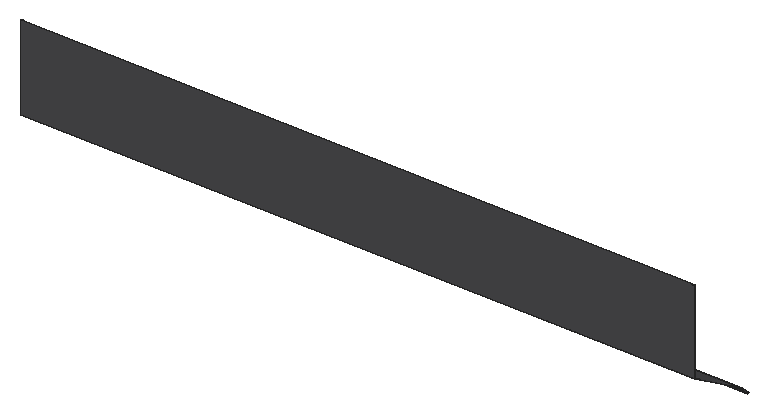
Revit family "BIMLIB_ПланкаПримыканиеВерхнееКСтенеФальц_GRANDLINE", category Обобщенные модели, Revit 2017
Family settings
  Может служить основой для арматурных стержней = Нет
  Размер круглого соединителя = Использовать диаметр
  Тип детали = Нормальный
  При загрузке вырезать с полостями = Нет
  Общий = Нет
  Точка расчета площади = Нет
Parameters (values of type "Планка примыкание верхнее к стене фальц")
  Смещение = 0 mm
  Кровля_Угол [instance] = 30.00°
  Описание = ADSK_Наименование  # "Планка примыкание верхнее к стене фальц GL150х130х20"
  Изготовитель = [ADSK_Завод-изготовитель]  # "Grand Line"
  built-in parameter 1001306 [instance] = 1200 mm
  Watermark [instance] = "Модели защищены уникальным кодом"
  URL = "https://www.grandline.ru"
  BL_Разработано = "support@bimlib.pro"
  BL_Email = "info@grandline.ru"
  BL_BIM library = "https://bimlib.pro/manufacturer/company/22430"
  ADSK_Размер_Длина [instance] = [built-in parameter 1001306]  # 1200 mm
  ADSK_Обозначение = "ГОСТ 19904-90, ГОСТ 14918-80"
  ADSK_Наименование = "Планка примыкание верхнее к стене фальц GL150х130х20"
  ADSK_Материал тип подсчета = 1  # constant formula
  ADSK_Материал = GL_Сталь_RAL9005
  ADSK_Масса_Текст [instance] = ""
  ADSK_Масса [instance] = 0
  ADSK_Марка = ""
  ADSK_Количество [instance] = if(ADSK_Материал тип подсчета = 0, 1, if(ADSK_Материал тип подсчета = 1, ADSK_Размер_Длина / 1000 mm, 0))  # 1.2
  ADSK_Код изделия = "М.12.048.02"  # constant formula
  ADSK_Завод-изготовитель = "Grand Line"  # constant formula
  ADSK_Единица измерения = "м"  # constant formula
  ADSK_Группирование = "Доборные элементы"  # constant formula
  ADSK_Версия Revit = "2017"  # constant formula
  ADSK_URL страницы изделия = ""
  ADSK_URL документации изделия = ""
Reference planes
  plane 1 "По центру (Вперед/Назад)": y = 0
  plane 2: z = 0
  plane 3 "Слева": x = 0
  plane 4 "Справа": x = 1200
Forms (mm)
  Sweep 1, solid, material "GL_Сталь_RAL9005" <- "ADSK_Материал"
    path in 3D
      loop
        line (0, 0, 0) -> (1200, 0, 0)
    profile "Профиль_ПланкаПримыканиеКСтене : Профиль_ПланкаПримыканиеКСтене" origin (600, 0, 0) x (0, 1, 0) y (0, 0, 1)
      loop
        line (0.8, 150) -> (0, 150) -> (0, -0.462) -> (104.232, -60.64) -> (109.814, -66.223) -> (109.249, -66.788) -> (117.734, -75.274) -> (118.865, -74.142) -> (104.723, -60) -> (0.8, 0) -> (0.8, 150)
Lines and regions (mm)
  reference lines
    curve 1: line (0, 0, 0) -> (1200, 0, 0)
  sketch lines
    curve 2: line (0, 0, 0) -> (1200, 0, 0)
Dimensions and locks
  "built-in parameter 1001306": plane 3 "Слева" to plane 4 "Справа"
  aligned and locked: plane 4 "Справа" to curve 1
  aligned and locked: plane 1 "По центру (Вперед/Назад)" to curve 1
  aligned and locked: plane 3 "Слева" to curve 1
  aligned and locked: level to plane 2
